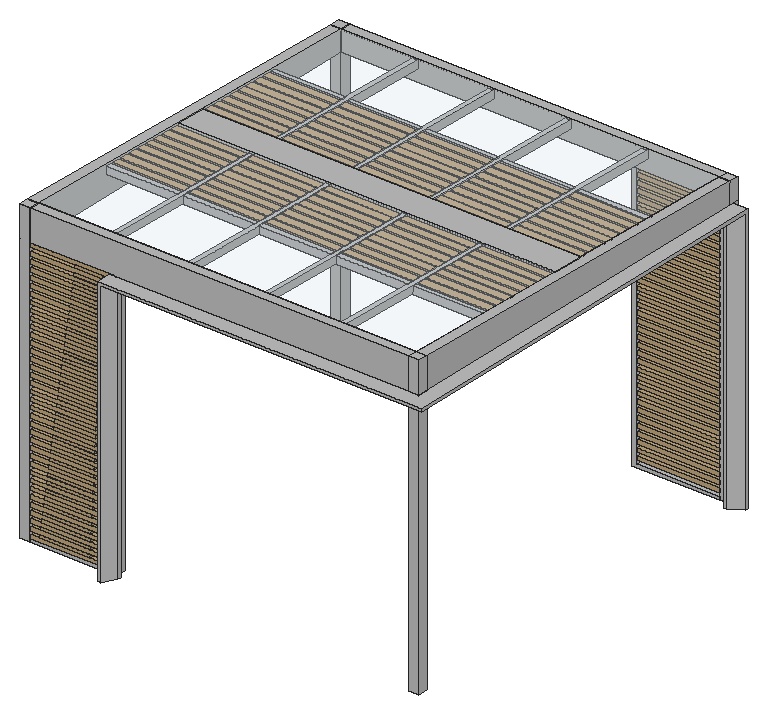
Revit family "L-FUR_파고라_DWP-TY-01_데오스웍스", category 일반 모델, Revit 2021
Family settings
  보강 철근 호스트 가능 = 아니오
  원형 커넥터 치수 = 지름 사용
  부품 유형 = 보통
  작업 기준면 기반 = 아니오
  항상 수직 = 예
  로드될 때 보이드를 사용하여 절단 = 아니오
  공유 = 아니오
  룸 계산 점 = 아니오
Parameters
  한국산업규격KS = ""
  조달청표준공사코드-세부공종 = "24072307"
  기본 입면도 = 0 mm
  건설정보분류체계-부위분류 = "E941"
  LIM_INFO_주의사항 = "재배포, 재가공, 판매 금지"
  LIM_INFO_제품업체 = "예건"
  LIM_INFO_제품번호 = "YF-16"
  LIM_INFO_제품명 = "펜스_YF-16"
  LIM_INFO_제작일 = "20230315"
  LIM_INFO_재료 = "Hardwood, STL-pipe, STL-plate"
  LIM_INFO_업체정보 = ""
  LIM_INFO_업체URL = "https://yekun.com/"
  LIM_INFO_업체TEL = "(+82)31-943-6114"
  LIM_INFO_업체EMAIL = "yekun@yekun.com"
  LIM_INFO_버전 = "2023_V01"
  LIM_INFO_기타정보 = ""
  LIM_INFO_규격 = "W2000 x H1800"
  LIM_INFO_가격 = 0
  LIM_INFO_PV_포장재여부 = yes
  LIM_INFO_PV_면적 = 0.00 m²
  KBIMS_식별-버전 = ""
  KBIMS_식별-bSK등록번호 = ""
  KBIMS_보급정보-저작자 = "림인포테크_MMJ"
  KBIMS_보급정보-보급코드 = ""
Reference planes
  plane 1 "중심(앞/뒤)": y = 0
  plane 2: z = 0
  plane 3 "중심(왼쪽/오른쪽)": x = 0
Dimensions and locks
  aligned and locked: level to plane 2
Nested families
  nested 1: "DWP-TY-01_base" at (0, 0, 0), type "DWP-TY-01_base"
Definition of nested family "DWP-TY-01_base"
  Parameters (values of type "DWP-TY-01_base")
    Default Elevation = 0 mm
  Reference planes
    plane 1 "중심(앞/뒤)": y = 0
    plane 2: z = 0
    plane 3 "중심(왼쪽/오른쪽)": x = 0
  Forms (mm)
    Extrusion 1, solid, detail levels fine
      sketch origin (0, 0, 0) x (0, 1, 0) y (0, 0, 1)
        loop
          line (100, 0) -> (100, 2887.381) -> (0, 2890) -> (0, 0) -> (100, 0)
        loop
          line (3850, 0) -> (3850, 2789.184) -> (3750, 2791.803) -> (3750, 0) -> (3850, 0)
      from 100 to 0
    Extrusion 2, solid, detail levels fine
      sketch origin (0, 0, 0) x (0, 1, 0) y (0, 0, 1)
        loop
          line (100, 0) -> (100, 2887.381) -> (0, 2890) -> (0, 0) -> (100, 0)
        loop
          line (3850, 0) -> (3850, 2789.184) -> (3750, 2791.803) -> (3750, 0) -> (3850, 0)
      from 3750 to 3850
    Extrusion 3, solid, detail levels fine
      sketch origin (0, 0, 0) x (0, 1, 0) y (0, 0, 1)
        loop
          line (100, 2887.381) -> (0, 2890) -> (0, 2590) -> (100, 2590) -> (100, 2887.381)
      from 3850 to 0
    Extrusion 4, solid, detail levels fine
      sketch origin (0, 3750, 0) x (0, 1, 0) y (0, 0, 1)
        loop
          line (100, 2789.184) -> (0, 2791.803) -> (0, 2590) -> (100, 2590) -> (100, 2789.184)
      from 3850 to 0
    Extrusion 5, solid, detail levels fine
      sketch origin (0, 0, 0) x (0, 1, 0) y (0, 0, 1)
        loop
          line (3750, 2791.803) -> (100, 2887.381) -> (100, 2590) -> (3750, 2590) -> (3750, 2791.803)
      from 100 to 0
    Extrusion 6, solid, detail levels fine
      sketch origin (0, 0, 0) x (0, 1, 0) y (0, 0, 1)
        loop
          line (3750, 2791.803) -> (100, 2887.381) -> (100, 2590) -> (3750, 2590) -> (3750, 2791.803)
      from 3850 to 3750
    Extrusion 7, solid, detail levels fine
      sketch origin (0, 1974.977, 0) x (0, 1, 0) y (0, 0, 1)
        loop
          line (100, 2835.665) -> (-199.954, 2843.519) -> (-199.954, 2590) -> (100, 2590) -> (100, 2835.665)
      from 3750 to 100
    Extrusion 8, solid, detail levels fine
      sketch origin (0, 0, 0) x (0, 1, 0) y (0, 0, 1)
        loop
          line (1775.023, 2758.49) -> (1775.023, 2833.516) -> (100, 2877.378) -> (100, 2802.352) -> (1775.023, 2758.49)
      from 839 to 794
    Extrusion 9, solid, detail levels fine
      sketch origin (0, 0, 0) x (0, 1, 0) y (0, 0, 1)
        loop
          line (1775.023, 2758.49) -> (1775.023, 2833.516) -> (100, 2877.378) -> (100, 2802.352) -> (1775.023, 2758.49)
      from 1578 to 1533
    Extrusion 10, solid, detail levels fine
      sketch origin (0, 0, 0) x (0, 1, 0) y (0, 0, 1)
        loop
          line (1775.023, 2758.49) -> (1775.023, 2833.516) -> (100, 2877.378) -> (100, 2802.352) -> (1775.023, 2758.49)
      from 2317 to 2272
    Extrusion 11, solid, detail levels fine
      sketch origin (0, 0, 0) x (0, 1, 0) y (0, 0, 1)
        loop
          line (1775.023, 2758.49) -> (1775.023, 2833.516) -> (100, 2877.378) -> (100, 2802.352) -> (1775.023, 2758.49)
      from 3056 to 3011
    Extrusion 12, solid, detail levels fine
      sketch origin (0, 1974.977, 0) x (0, 1, 0) y (0, 0, 1)
        loop
          line (1775.023, 2706.774) -> (1775.023, 2781.799) -> (100, 2825.661) -> (100, 2750.636) -> (1775.023, 2706.774)
      from 839 to 794
    Extrusion 13, solid, detail levels fine
      sketch origin (0, 1974.977, 0) x (0, 1, 0) y (0, 0, 1)
        loop
          line (1775.023, 2706.774) -> (1775.023, 2781.799) -> (100, 2825.661) -> (100, 2750.636) -> (1775.023, 2706.774)
      from 1578 to 1533
    Extrusion 14, solid, detail levels fine
      sketch origin (0, 1974.977, 0) x (0, 1, 0) y (0, 0, 1)
        loop
          line (1775.023, 2706.774) -> (1775.023, 2781.799) -> (100, 2825.661) -> (100, 2750.636) -> (1775.023, 2706.774)
      from 2317 to 2272
    Extrusion 15, solid, detail levels fine
      sketch origin (0, 1974.977, 0) x (0, 1, 0) y (0, 0, 1)
        loop
          line (1775.023, 2706.774) -> (1775.023, 2781.799) -> (100, 2825.661) -> (100, 2750.636) -> (1775.023, 2706.774)
      from 3056 to 3011
    Extrusion 16, solid, detail levels fine
      sketch origin (0, 0, 0) x (0, 1, 0) y (0, 0, 1)
        loop
          line (960, 2854.858) -> (915.031, 2856.036) -> (913.068, 2781.061) -> (958.037, 2779.884) -> (960, 2854.858)
      from 794 to 100
    Extrusion 17, solid, detail levels fine
      sketch origin (0, 0, 0) x (0, 1, 0) y (0, 0, 1)
        loop
          line (960, 2854.858) -> (915.031, 2856.036) -> (913.068, 2781.061) -> (958.037, 2779.884) -> (960, 2854.858)
      from 1533 to 839
    Extrusion 18, solid, detail levels fine
      sketch origin (0, 0, 0) x (0, 1, 0) y (0, 0, 1)
        loop
          line (960, 2854.858) -> (915.031, 2856.036) -> (913.068, 2781.061) -> (958.037, 2779.884) -> (960, 2854.858)
      from 2272 to 1578
    Extrusion 19, solid, detail levels fine
      sketch origin (0, 0, 0) x (0, 1, 0) y (0, 0, 1)
        loop
          line (960, 2854.858) -> (915.031, 2856.036) -> (913.068, 2781.061) -> (958.037, 2779.884) -> (960, 2854.858)
      from 3011 to 2317
    Extrusion 20, solid, detail levels fine
      sketch origin (0, 0, 0) x (0, 1, 0) y (0, 0, 1)
        loop
          line (960, 2854.858) -> (915.031, 2856.036) -> (913.068, 2781.061) -> (958.037, 2779.884) -> (960, 2854.858)
      from 3750 to 3056
    Extrusion 21, solid, detail levels fine
      sketch origin (0, 1976.948, 0) x (0, 1, 0) y (0, 0, 1)
        loop
          line (958.645, 2803.125) -> (913.676, 2804.303) -> (911.713, 2729.329) -> (956.682, 2728.151) -> (958.645, 2803.125)
      from 794 to 100
    Extrusion 22, solid, detail levels fine
      sketch origin (0, 1976.948, 0) x (0, 1, 0) y (0, 0, 1)
        loop
          line (958.645, 2803.125) -> (913.676, 2804.303) -> (911.713, 2729.329) -> (956.682, 2728.151) -> (958.645, 2803.125)
      from 1533 to 839
    Extrusion 23, solid, detail levels fine
      sketch origin (0, 1976.948, 0) x (0, 1, 0) y (0, 0, 1)
        loop
          line (958.645, 2803.125) -> (913.676, 2804.303) -> (911.713, 2729.329) -> (956.682, 2728.151) -> (958.645, 2803.125)
      from 2272 to 1578
    Extrusion 24, solid, detail levels fine
      sketch origin (0, 1976.948, 0) x (0, 1, 0) y (0, 0, 1)
        loop
          line (958.645, 2803.125) -> (913.676, 2804.303) -> (911.713, 2729.329) -> (956.682, 2728.151) -> (958.645, 2803.125)
      from 3011 to 2317
    Extrusion 25, solid, detail levels fine
      sketch origin (0, 1976.948, 0) x (0, 1, 0) y (0, 0, 1)
        loop
          line (958.645, 2803.125) -> (913.676, 2804.303) -> (911.713, 2729.329) -> (956.682, 2728.151) -> (958.645, 2803.125)
      from 3750 to 3056
    Extrusion 26, solid, detail levels fine
      sketch origin (0, 0, 0) x (0, 1, 0) y (0, 0, 1)
        loop
          line (1754.47, 2834.054) -> (1674.485, 2836.149) -> (1672.521, 2761.174) -> (1752.506, 2759.08) -> (1754.47, 2834.054)
        loop
          line (1259.044, 2847.027) -> (1179.059, 2849.122) -> (1177.095, 2774.148) -> (1257.08, 2772.053) -> (1259.044, 2847.027)
        loop
          line (1159.959, 2849.622) -> (1079.974, 2851.716) -> (1078.011, 2776.742) -> (1157.995, 2774.648) -> (1159.959, 2849.622)
        loop
          line (1060.875, 2852.217) -> (980.89, 2854.311) -> (978.927, 2779.337) -> (1058.912, 2777.242) -> (1060.875, 2852.217)
        loop
          line (1556.298, 2839.243) -> (1476.313, 2841.338) -> (1474.35, 2766.364) -> (1554.335, 2764.269) -> (1556.298, 2839.243)
        loop
          line (1457.215, 2841.838) -> (1377.23, 2843.933) -> (1375.267, 2768.958) -> (1455.252, 2766.864) -> (1457.215, 2841.838)
        loop
          line (1358.13, 2844.433) -> (1278.145, 2846.527) -> (1276.182, 2771.553) -> (1356.167, 2769.458) -> (1358.13, 2844.433)
        loop
          line (1575.4, 2838.743) -> (1573.437, 2763.769) -> (1653.421, 2761.674) -> (1655.385, 2836.649) -> (1575.4, 2838.743)
      from 794 to 100
    Extrusion 27, solid, detail levels fine
      sketch origin (0, 0, 0) x (0, 1, 0) y (0, 0, 1)
        loop
          line (1754.47, 2834.054) -> (1674.485, 2836.149) -> (1672.521, 2761.174) -> (1752.506, 2759.08) -> (1754.47, 2834.054)
        loop
          line (1259.044, 2847.027) -> (1179.059, 2849.122) -> (1177.095, 2774.148) -> (1257.08, 2772.053) -> (1259.044, 2847.027)
        loop
          line (1159.959, 2849.622) -> (1079.974, 2851.716) -> (1078.011, 2776.742) -> (1157.995, 2774.648) -> (1159.959, 2849.622)
        loop
          line (1060.875, 2852.217) -> (980.89, 2854.311) -> (978.927, 2779.337) -> (1058.912, 2777.242) -> (1060.875, 2852.217)
        loop
          line (1556.298, 2839.243) -> (1476.313, 2841.338) -> (1474.35, 2766.364) -> (1554.335, 2764.269) -> (1556.298, 2839.243)
        loop
          line (1457.215, 2841.838) -> (1377.23, 2843.933) -> (1375.267, 2768.958) -> (1455.252, 2766.864) -> (1457.215, 2841.838)
        loop
          line (1358.13, 2844.433) -> (1278.145, 2846.527) -> (1276.182, 2771.553) -> (1356.167, 2769.458) -> (1358.13, 2844.433)
        loop
          line (1575.4, 2838.743) -> (1573.437, 2763.769) -> (1653.421, 2761.674) -> (1655.385, 2836.649) -> (1575.4, 2838.743)
      from 1533 to 839
    Extrusion 28, solid, detail levels fine
      sketch origin (0, 0, 0) x (0, 1, 0) y (0, 0, 1)
        loop
          line (1754.47, 2834.054) -> (1674.485, 2836.149) -> (1672.521, 2761.174) -> (1752.506, 2759.08) -> (1754.47, 2834.054)
        loop
          line (1259.044, 2847.027) -> (1179.059, 2849.122) -> (1177.095, 2774.148) -> (1257.08, 2772.053) -> (1259.044, 2847.027)
        loop
          line (1159.959, 2849.622) -> (1079.974, 2851.716) -> (1078.011, 2776.742) -> (1157.995, 2774.648) -> (1159.959, 2849.622)
        loop
          line (1060.875, 2852.217) -> (980.89, 2854.311) -> (978.927, 2779.337) -> (1058.912, 2777.242) -> (1060.875, 2852.217)
        loop
          line (1556.298, 2839.243) -> (1476.313, 2841.338) -> (1474.35, 2766.364) -> (1554.335, 2764.269) -> (1556.298, 2839.243)
        loop
          line (1457.215, 2841.838) -> (1377.23, 2843.933) -> (1375.267, 2768.958) -> (1455.252, 2766.864) -> (1457.215, 2841.838)
        loop
          line (1358.13, 2844.433) -> (1278.145, 2846.527) -> (1276.182, 2771.553) -> (1356.167, 2769.458) -> (1358.13, 2844.433)
        loop
          line (1575.4, 2838.743) -> (1573.437, 2763.769) -> (1653.421, 2761.674) -> (1655.385, 2836.649) -> (1575.4, 2838.743)
      from 2272 to 1578
    Extrusion 29, solid, detail levels fine
      sketch origin (0, 0, 0) x (0, 1, 0) y (0, 0, 1)
        loop
          line (1754.47, 2834.054) -> (1674.485, 2836.149) -> (1672.521, 2761.174) -> (1752.506, 2759.08) -> (1754.47, 2834.054)
        loop
          line (1259.044, 2847.027) -> (1179.059, 2849.122) -> (1177.095, 2774.148) -> (1257.08, 2772.053) -> (1259.044, 2847.027)
        loop
          line (1159.959, 2849.622) -> (1079.974, 2851.716) -> (1078.011, 2776.742) -> (1157.995, 2774.648) -> (1159.959, 2849.622)
        loop
          line (1060.875, 2852.217) -> (980.89, 2854.311) -> (978.927, 2779.337) -> (1058.912, 2777.242) -> (1060.875, 2852.217)
        loop
          line (1556.298, 2839.243) -> (1476.313, 2841.338) -> (1474.35, 2766.364) -> (1554.335, 2764.269) -> (1556.298, 2839.243)
        loop
          line (1457.215, 2841.838) -> (1377.23, 2843.933) -> (1375.267, 2768.958) -> (1455.252, 2766.864) -> (1457.215, 2841.838)
        loop
          line (1358.13, 2844.433) -> (1278.145, 2846.527) -> (1276.182, 2771.553) -> (1356.167, 2769.458) -> (1358.13, 2844.433)
        loop
          line (1575.4, 2838.743) -> (1573.437, 2763.769) -> (1653.421, 2761.674) -> (1655.385, 2836.649) -> (1575.4, 2838.743)
      from 3011 to 2317
    Extrusion 30, solid, detail levels fine
      sketch origin (0, 0, 0) x (0, 1, 0) y (0, 0, 1)
        loop
          line (1754.47, 2834.054) -> (1674.485, 2836.149) -> (1672.521, 2761.174) -> (1752.506, 2759.08) -> (1754.47, 2834.054)
        loop
          line (1259.044, 2847.027) -> (1179.059, 2849.122) -> (1177.095, 2774.148) -> (1257.08, 2772.053) -> (1259.044, 2847.027)
        loop
          line (1159.959, 2849.622) -> (1079.974, 2851.716) -> (1078.011, 2776.742) -> (1157.995, 2774.648) -> (1159.959, 2849.622)
        loop
          line (1060.875, 2852.217) -> (980.89, 2854.311) -> (978.927, 2779.337) -> (1058.912, 2777.242) -> (1060.875, 2852.217)
        loop
          line (1556.298, 2839.243) -> (1476.313, 2841.338) -> (1474.35, 2766.364) -> (1554.335, 2764.269) -> (1556.298, 2839.243)
        loop
          line (1457.215, 2841.838) -> (1377.23, 2843.933) -> (1375.267, 2768.958) -> (1455.252, 2766.864) -> (1457.215, 2841.838)
        loop
          line (1358.13, 2844.433) -> (1278.145, 2846.527) -> (1276.182, 2771.553) -> (1356.167, 2769.458) -> (1358.13, 2844.433)
        loop
          line (1575.4, 2838.743) -> (1573.437, 2763.769) -> (1653.421, 2761.674) -> (1655.385, 2836.649) -> (1575.4, 2838.743)
      from 3750 to 3056
    Extrusion 31, solid, detail levels fine
      sketch origin (0, 1114.64, -29.188) x (0, 1, 0) y (0, 0, 1)
        loop
          line (1754.47, 2834.054) -> (1674.485, 2836.149) -> (1672.521, 2761.174) -> (1752.506, 2759.08) -> (1754.47, 2834.054)
        loop
          line (1259.044, 2847.027) -> (1179.059, 2849.122) -> (1177.095, 2774.148) -> (1257.08, 2772.053) -> (1259.044, 2847.027)
        loop
          line (1159.959, 2849.622) -> (1079.974, 2851.716) -> (1078.011, 2776.742) -> (1157.995, 2774.648) -> (1159.959, 2849.622)
        loop
          line (1060.875, 2852.217) -> (980.89, 2854.311) -> (978.927, 2779.337) -> (1058.912, 2777.242) -> (1060.875, 2852.217)
        loop
          line (1556.298, 2839.243) -> (1476.313, 2841.338) -> (1474.35, 2766.364) -> (1554.335, 2764.269) -> (1556.298, 2839.243)
        loop
          line (1457.215, 2841.838) -> (1377.23, 2843.933) -> (1375.267, 2768.958) -> (1455.252, 2766.864) -> (1457.215, 2841.838)
        loop
          line (1358.13, 2844.433) -> (1278.145, 2846.527) -> (1276.182, 2771.553) -> (1356.167, 2769.458) -> (1358.13, 2844.433)
        loop
          line (1575.4, 2838.743) -> (1573.437, 2763.769) -> (1653.421, 2761.674) -> (1655.385, 2836.649) -> (1575.4, 2838.743)
      from 794 to 100
    Extrusion 32, solid, detail levels fine
      sketch origin (0, 1114.64, -29.188) x (0, 1, 0) y (0, 0, 1)
        loop
          line (1754.47, 2834.054) -> (1674.485, 2836.149) -> (1672.521, 2761.174) -> (1752.506, 2759.08) -> (1754.47, 2834.054)
        loop
          line (1259.044, 2847.027) -> (1179.059, 2849.122) -> (1177.095, 2774.148) -> (1257.08, 2772.053) -> (1259.044, 2847.027)
        loop
          line (1159.959, 2849.622) -> (1079.974, 2851.716) -> (1078.011, 2776.742) -> (1157.995, 2774.648) -> (1159.959, 2849.622)
        loop
          line (1060.875, 2852.217) -> (980.89, 2854.311) -> (978.927, 2779.337) -> (1058.912, 2777.242) -> (1060.875, 2852.217)
        loop
          line (1556.298, 2839.243) -> (1476.313, 2841.338) -> (1474.35, 2766.364) -> (1554.335, 2764.269) -> (1556.298, 2839.243)
        loop
          line (1457.215, 2841.838) -> (1377.23, 2843.933) -> (1375.267, 2768.958) -> (1455.252, 2766.864) -> (1457.215, 2841.838)
        loop
          line (1358.13, 2844.433) -> (1278.145, 2846.527) -> (1276.182, 2771.553) -> (1356.167, 2769.458) -> (1358.13, 2844.433)
        loop
          line (1575.4, 2838.743) -> (1573.437, 2763.769) -> (1653.421, 2761.674) -> (1655.385, 2836.649) -> (1575.4, 2838.743)
      from 1533 to 839
    Extrusion 33, solid, detail levels fine
      sketch origin (0, 1114.64, -29.188) x (0, 1, 0) y (0, 0, 1)
        loop
          line (1754.47, 2834.054) -> (1674.485, 2836.149) -> (1672.521, 2761.174) -> (1752.506, 2759.08) -> (1754.47, 2834.054)
        loop
          line (1259.044, 2847.027) -> (1179.059, 2849.122) -> (1177.095, 2774.148) -> (1257.08, 2772.053) -> (1259.044, 2847.027)
        loop
          line (1159.959, 2849.622) -> (1079.974, 2851.716) -> (1078.011, 2776.742) -> (1157.995, 2774.648) -> (1159.959, 2849.622)
        loop
          line (1060.875, 2852.217) -> (980.89, 2854.311) -> (978.927, 2779.337) -> (1058.912, 2777.242) -> (1060.875, 2852.217)
        loop
          line (1556.298, 2839.243) -> (1476.313, 2841.338) -> (1474.35, 2766.364) -> (1554.335, 2764.269) -> (1556.298, 2839.243)
        loop
          line (1457.215, 2841.838) -> (1377.23, 2843.933) -> (1375.267, 2768.958) -> (1455.252, 2766.864) -> (1457.215, 2841.838)
        loop
          line (1358.13, 2844.433) -> (1278.145, 2846.527) -> (1276.182, 2771.553) -> (1356.167, 2769.458) -> (1358.13, 2844.433)
        loop
          line (1575.4, 2838.743) -> (1573.437, 2763.769) -> (1653.421, 2761.674) -> (1655.385, 2836.649) -> (1575.4, 2838.743)
      from 2272 to 1578
    Extrusion 34, solid, detail levels fine
      sketch origin (0, 1114.64, -29.188) x (0, 1, 0) y (0, 0, 1)
        loop
          line (1754.47, 2834.054) -> (1674.485, 2836.149) -> (1672.521, 2761.174) -> (1752.506, 2759.08) -> (1754.47, 2834.054)
        loop
          line (1259.044, 2847.027) -> (1179.059, 2849.122) -> (1177.095, 2774.148) -> (1257.08, 2772.053) -> (1259.044, 2847.027)
        loop
          line (1159.959, 2849.622) -> (1079.974, 2851.716) -> (1078.011, 2776.742) -> (1157.995, 2774.648) -> (1159.959, 2849.622)
        loop
          line (1060.875, 2852.217) -> (980.89, 2854.311) -> (978.927, 2779.337) -> (1058.912, 2777.242) -> (1060.875, 2852.217)
        loop
          line (1556.298, 2839.243) -> (1476.313, 2841.338) -> (1474.35, 2766.364) -> (1554.335, 2764.269) -> (1556.298, 2839.243)
        loop
          line (1457.215, 2841.838) -> (1377.23, 2843.933) -> (1375.267, 2768.958) -> (1455.252, 2766.864) -> (1457.215, 2841.838)
        loop
          line (1358.13, 2844.433) -> (1278.145, 2846.527) -> (1276.182, 2771.553) -> (1356.167, 2769.458) -> (1358.13, 2844.433)
        loop
          line (1575.4, 2838.743) -> (1573.437, 2763.769) -> (1653.421, 2761.674) -> (1655.385, 2836.649) -> (1575.4, 2838.743)
      from 3011 to 2317
    Extrusion 35, solid, detail levels fine
      sketch origin (0, 1114.64, 0) x (0, 1, 0) y (0, 0, 1)
        loop
          line (1754.47, 2804.866) -> (1674.485, 2806.961) -> (1672.521, 2731.986) -> (1752.506, 2729.892) -> (1754.47, 2804.866)
        loop
          line (1259.044, 2817.839) -> (1179.059, 2819.934) -> (1177.095, 2744.96) -> (1257.08, 2742.865) -> (1259.044, 2817.839)
        loop
          line (1159.959, 2820.434) -> (1079.974, 2822.529) -> (1078.011, 2747.554) -> (1157.995, 2745.46) -> (1159.959, 2820.434)
        loop
          line (1060.875, 2823.029) -> (980.89, 2825.123) -> (978.927, 2750.149) -> (1058.912, 2748.054) -> (1060.875, 2823.029)
        loop
          line (1556.298, 2810.056) -> (1476.313, 2812.15) -> (1474.35, 2737.176) -> (1554.335, 2735.081) -> (1556.298, 2810.056)
        loop
          line (1457.215, 2812.65) -> (1377.23, 2814.745) -> (1375.267, 2739.77) -> (1455.252, 2737.676) -> (1457.215, 2812.65)
        loop
          line (1358.13, 2815.245) -> (1278.145, 2817.339) -> (1276.182, 2742.365) -> (1356.167, 2740.271) -> (1358.13, 2815.245)
        loop
          line (1575.4, 2809.555) -> (1573.437, 2734.581) -> (1653.421, 2732.487) -> (1655.385, 2807.461) -> (1575.4, 2809.555)
      from 3750 to 3056
    Extrusion 36, solid, detail levels fine
      sketch origin (0, 0, 0) x (0, 1, 0) y (0, 0, 1)
        loop
          line (3750, 2791.803) -> (2074.977, 2835.665) -> (2074.977, 2825.661) -> (3750, 2781.799) -> (3750, 2791.803)
      from 3750 to 100
    Extrusion 37, solid, detail levels fine
      sketch origin (0, -1974.977, 0) x (0, 1, 0) y (0, 0, 1)
        loop
          line (3750, 2843.519) -> (2074.977, 2887.381) -> (2074.977, 2877.378) -> (3750, 2833.516) -> (3750, 2843.519)
      from 3750 to 100
    Extrusion 38, solid, detail levels fine
      sketch origin (0, 0, 0) x (1, 0, 0) y (0, 0, 1)
        loop
          line (100, 2590) -> (100, 2550) -> (900, 2550) -> (900, 2590) -> (100, 2590)
        loop
          line (100, 2520) -> (100, 2480) -> (900, 2480) -> (900, 2520) -> (100, 2520)
        loop
          line (100, 2450) -> (100, 2410) -> (900, 2410) -> (900, 2450) -> (100, 2450)
        loop
          line (100, 2380) -> (100, 2340) -> (900, 2340) -> (900, 2380) -> (100, 2380)
        loop
          line (100, 2310) -> (100, 2270) -> (900, 2270) -> (900, 2310) -> (100, 2310)
        loop
          line (100, 2240) -> (100, 2200) -> (900, 2200) -> (900, 2240) -> (100, 2240)
        loop
          line (100, 2170) -> (100, 2130) -> (900, 2130) -> (900, 2170) -> (100, 2170)
        loop
          line (100, 2100) -> (100, 2060) -> (900, 2060) -> (900, 2100) -> (100, 2100)
        loop
          line (100, 2030) -> (100, 1990) -> (900, 1990) -> (900, 2030) -> (100, 2030)
        loop
          line (100, 1960) -> (100, 1920) -> (900, 1920) -> (900, 1960) -> (100, 1960)
        loop
          line (100, 1890) -> (100, 1850) -> (900, 1850) -> (900, 1890) -> (100, 1890)
        loop
          line (100, 1820) -> (100, 1780) -> (900, 1780) -> (900, 1820) -> (100, 1820)
        loop
          line (100, 1750) -> (100, 1710) -> (900, 1710) -> (900, 1750) -> (100, 1750)
        loop
          line (100, 1680) -> (100, 1640) -> (900, 1640) -> (900, 1680) -> (100, 1680)
        loop
          line (100, 1610) -> (100, 1570) -> (900, 1570) -> (900, 1610) -> (100, 1610)
        loop
          line (100, 1540) -> (100, 1500) -> (900, 1500) -> (900, 1540) -> (100, 1540)
        loop
          line (100, 1470) -> (100, 1430) -> (900, 1430) -> (900, 1470) -> (100, 1470)
        loop
          line (100, 1400) -> (100, 1360) -> (900, 1360) -> (900, 1400) -> (100, 1400)
        loop
          line (100, 1330) -> (100, 1290) -> (900, 1290) -> (900, 1330) -> (100, 1330)
        loop
          line (100, 1260) -> (100, 1220) -> (900, 1220) -> (900, 1260) -> (100, 1260)
        loop
          line (100, 1190) -> (100, 1150) -> (900, 1150) -> (900, 1190) -> (100, 1190)
        loop
          line (100, 1120) -> (100, 1080) -> (900, 1080) -> (900, 1120) -> (100, 1120)
        loop
          line (100, 1050) -> (100, 1010) -> (900, 1010) -> (900, 1050) -> (100, 1050)
        loop
          line (100, 980) -> (100, 940) -> (900, 940) -> (900, 980) -> (100, 980)
        loop
          line (100, 910) -> (100, 870) -> (900, 870) -> (900, 910) -> (100, 910)
        loop
          line (100, 840) -> (100, 800) -> (900, 800) -> (900, 840) -> (100, 840)
        loop
          line (100, 770) -> (100, 730) -> (900, 730) -> (900, 770) -> (100, 770)
        loop
          line (100, 700) -> (100, 660) -> (900, 660) -> (900, 700) -> (100, 700)
        loop
          line (100, 630) -> (100, 590) -> (900, 590) -> (900, 630) -> (100, 630)
        loop
          line (100, 560) -> (100, 520) -> (900, 520) -> (900, 560) -> (100, 560)
        loop
          line (100, 490) -> (100, 450) -> (900, 450) -> (900, 490) -> (100, 490)
        loop
          line (100, 420) -> (100, 380) -> (900, 380) -> (900, 420) -> (100, 420)
        loop
          line (100, 350) -> (100, 310) -> (900, 310) -> (900, 350) -> (100, 350)
        loop
          line (100, 280) -> (100, 240) -> (900, 240) -> (900, 280) -> (100, 280)
        loop
          line (100, 210) -> (100, 170) -> (900, 170) -> (900, 210) -> (100, 210)
        loop
          line (100, 140) -> (100, 100) -> (900, 100) -> (900, 140) -> (100, 140)
        loop
          line (100, 70.348) -> (100, 30.348) -> (900, 30.348) -> (900, 70.348) -> (100, 70.348)
      from 0 to -100
    Extrusion 39, solid, detail levels fine
      sketch origin (0, 0, 0) x (1, 0, 0) y (0, 0, 1)
        loop
          line (100, 30.348) -> (100, 0) -> (900, 0) -> (900, 30.348) -> (100, 30.348)
      from 0 to -100
    Extrusion 40, solid, detail levels fine
      sketch origin (0, 0, 0) x (1, 0, 0) y (0, 0, 1)
        loop
          line (192.124, 70) -> (679.399, 70) -> (680.883, 100) -> (196.282, 100) -> (192.124, 70)
        loop
          line (201.827, 140) -> (682.86, 140) -> (684.344, 170) -> (205.985, 170) -> (201.827, 140)
        loop
          line (211.53, 210) -> (686.321, 210) -> (687.805, 240) -> (215.689, 240) -> (211.53, 210)
        loop
          line (221.233, 280) -> (689.782, 280) -> (691.266, 310) -> (225.392, 310) -> (221.233, 280)
        loop
          line (230.937, 350) -> (693.243, 350) -> (694.727, 380) -> (235.095, 380) -> (230.937, 350)
        loop
          line (240.64, 420) -> (696.704, 420) -> (698.188, 450) -> (244.798, 450) -> (240.64, 420)
        loop
          line (250.343, 490) -> (700.165, 490) -> (701.649, 520) -> (254.502, 520) -> (250.343, 490)
        loop
          line (260.046, 560) -> (703.626, 560) -> (705.11, 590) -> (264.205, 590) -> (260.046, 560)
        loop
          line (269.75, 630) -> (707.087, 630) -> (708.57, 660) -> (273.908, 660) -> (269.75, 630)
        loop
          line (279.453, 700) -> (710.548, 700) -> (712.031, 730) -> (283.611, 730) -> (279.453, 700)
        loop
          line (289.156, 770) -> (714.009, 770) -> (715.492, 800) -> (293.315, 800) -> (289.156, 770)
        loop
          line (298.859, 840) -> (717.47, 840) -> (718.953, 870) -> (303.018, 870) -> (298.859, 840)
        loop
          line (308.563, 910) -> (720.931, 910) -> (722.414, 940) -> (312.721, 940) -> (308.563, 910)
        loop
          line (318.266, 980) -> (724.392, 980) -> (725.875, 1010) -> (322.424, 1010) -> (318.266, 980)
        loop
          line (327.969, 1050) -> (727.853, 1050) -> (729.336, 1080) -> (332.128, 1080) -> (327.969, 1050)
        loop
          line (337.672, 1120) -> (731.314, 1120) -> (732.797, 1150) -> (341.831, 1150) -> (337.672, 1120)
        loop
          line (347.376, 1190) -> (734.775, 1190) -> (736.258, 1220) -> (351.534, 1220) -> (347.376, 1190)
        loop
          line (357.079, 1260) -> (738.236, 1260) -> (739.719, 1290) -> (361.237, 1290) -> (357.079, 1260)
        loop
          line (366.782, 1330) -> (741.697, 1330) -> (743.18, 1360) -> (370.941, 1360) -> (366.782, 1330)
        loop
          line (376.485, 1400) -> (745.158, 1400) -> (746.641, 1430) -> (380.644, 1430) -> (376.485, 1400)
        loop
          line (386.189, 1470) -> (748.619, 1470) -> (750.102, 1500) -> (390.347, 1500) -> (386.189, 1470)
        loop
          line (395.892, 1540) -> (752.08, 1540) -> (753.563, 1570) -> (400.05, 1570) -> (395.892, 1540)
        loop
          line (405.595, 1610) -> (755.541, 1610) -> (757.024, 1640) -> (409.754, 1640) -> (405.595, 1610)
        loop
          line (415.298, 1680) -> (759.002, 1680) -> (760.485, 1710) -> (419.457, 1710) -> (415.298, 1680)
        loop
          line (425.002, 1750) -> (762.463, 1750) -> (763.946, 1780) -> (429.16, 1780) -> (425.002, 1750)
        loop
          line (434.705, 1820) -> (765.924, 1820) -> (767.407, 1850) -> (438.863, 1850) -> (434.705, 1820)
        loop
          line (444.408, 1890) -> (769.385, 1890) -> (770.868, 1920) -> (448.567, 1920) -> (444.408, 1890)
        loop
          line (454.111, 1960) -> (772.846, 1960) -> (774.329, 1990) -> (458.27, 1990) -> (454.111, 1960)
        loop
          line (463.815, 2030) -> (776.307, 2030) -> (777.79, 2060) -> (467.973, 2060) -> (463.815, 2030)
        loop
          line (473.518, 2100) -> (779.768, 2100) -> (781.251, 2130) -> (477.676, 2130) -> (473.518, 2100)
        loop
          line (483.221, 2170) -> (783.229, 2170) -> (784.712, 2200) -> (487.38, 2200) -> (483.221, 2170)
        loop
          line (492.924, 2240) -> (786.69, 2240) -> (788.173, 2270) -> (497.083, 2270) -> (492.924, 2240)
        loop
          line (502.628, 2310) -> (790.151, 2310) -> (791.634, 2340) -> (506.786, 2340) -> (502.628, 2310)
        loop
          line (512.331, 2380) -> (793.612, 2380) -> (795.095, 2410) -> (516.489, 2410) -> (512.331, 2380)
        loop
          line (522.034, 2450) -> (797.073, 2450) -> (798.556, 2480) -> (526.193, 2480) -> (522.034, 2450)
        loop
          line (531.737, 2520) -> (800.534, 2520) -> (802.017, 2550) -> (535.896, 2550) -> (531.737, 2520)
      from 0 to -100
    Extrusion 41, solid, detail levels fine
      sketch origin (0, 0, 0) x (1, 0, 0) y (0, 0, 1)
        loop
          line (2900, 0) -> (3750, 0) -> (3750, 30) -> (2950, 30) -> (2950, 2590) -> (2900, 2590) -> (2900, 0)
      from -3750 to -3850
    Extrusion 42, solid, detail levels fine
      sketch origin (0, 0, 0) x (1, 0, 0) y (0, 0, 1)
        loop
          line (3750, 105) -> (2950, 105) -> (2950, 65) -> (3750, 65) -> (3750, 105)
        loop
          line (3750, 175) -> (2950, 175) -> (2950, 135) -> (3750, 135) -> (3750, 175)
        loop
          line (3750, 245) -> (2950, 245) -> (2950, 205) -> (3750, 205) -> (3750, 245)
        loop
          line (3750, 315) -> (2950, 315) -> (2950, 275) -> (3750, 275) -> (3750, 315)
        loop
          line (3750, 385) -> (2950, 385) -> (2950, 345) -> (3750, 345) -> (3750, 385)
        loop
          line (3750, 455) -> (2950, 455) -> (2950, 415) -> (3750, 415) -> (3750, 455)
        loop
          line (3750, 525) -> (2950, 525) -> (2950, 485) -> (3750, 485) -> (3750, 525)
        loop
          line (3750, 595) -> (2950, 595) -> (2950, 555) -> (3750, 555) -> (3750, 595)
        loop
          line (3750, 665) -> (2950, 665) -> (2950, 625) -> (3750, 625) -> (3750, 665)
        loop
          line (3750, 735) -> (2950, 735) -> (2950, 695) -> (3750, 695) -> (3750, 735)
        loop
          line (3750, 805) -> (2950, 805) -> (2950, 765) -> (3750, 765) -> (3750, 805)
        loop
          line (3750, 875) -> (2950, 875) -> (2950, 835) -> (3750, 835) -> (3750, 875)
        loop
          line (3750, 945) -> (2950, 945) -> (2950, 905) -> (3750, 905) -> (3750, 945)
        loop
          line (3750, 1015) -> (2950, 1015) -> (2950, 975) -> (3750, 975) -> (3750, 1015)
        loop
          line (3750, 1085) -> (2950, 1085) -> (2950, 1045) -> (3750, 1045) -> (3750, 1085)
        loop
          line (3750, 1155) -> (2950, 1155) -> (2950, 1115) -> (3750, 1115) -> (3750, 1155)
        loop
          line (3750, 1225) -> (2950, 1225) -> (2950, 1185) -> (3750, 1185) -> (3750, 1225)
        loop
          line (3750, 1295) -> (2950, 1295) -> (2950, 1255) -> (3750, 1255) -> (3750, 1295)
        loop
          line (3750, 1365) -> (2950, 1365) -> (2950, 1325) -> (3750, 1325) -> (3750, 1365)
        loop
          line (3750, 1435) -> (2950, 1435) -> (2950, 1395) -> (3750, 1395) -> (3750, 1435)
        loop
          line (3750, 1505) -> (2950, 1505) -> (2950, 1465) -> (3750, 1465) -> (3750, 1505)
        loop
          line (3750, 1575) -> (2950, 1575) -> (2950, 1535) -> (3750, 1535) -> (3750, 1575)
        loop
          line (3750, 1645) -> (2950, 1645) -> (2950, 1605) -> (3750, 1605) -> (3750, 1645)
        loop
          line (3750, 1715) -> (2950, 1715) -> (2950, 1675) -> (3750, 1675) -> (3750, 1715)
        loop
          line (3750, 1785) -> (2950, 1785) -> (2950, 1745) -> (3750, 1745) -> (3750, 1785)
        loop
          line (3750, 1855) -> (2950, 1855) -> (2950, 1815) -> (3750, 1815) -> (3750, 1855)
        loop
          line (3750, 1925) -> (2950, 1925) -> (2950, 1885) -> (3750, 1885) -> (3750, 1925)
        loop
          line (3750, 1995) -> (2950, 1995) -> (2950, 1955) -> (3750, 1955) -> (3750, 1995)
        loop
          line (3750, 2065) -> (2950, 2065) -> (2950, 2025) -> (3750, 2025) -> (3750, 2065)
        loop
          line (3750, 2135) -> (2950, 2135) -> (2950, 2095) -> (3750, 2095) -> (3750, 2135)
        loop
          line (3750, 2205) -> (2950, 2205) -> (2950, 2165) -> (3750, 2165) -> (3750, 2205)
        loop
          line (3750, 2275) -> (2950, 2275) -> (2950, 2235) -> (3750, 2235) -> (3750, 2275)
        loop
          line (3750, 2345) -> (2950, 2345) -> (2950, 2305) -> (3750, 2305) -> (3750, 2345)
        loop
          line (3750, 2415) -> (2950, 2415) -> (2950, 2375) -> (3750, 2375) -> (3750, 2415)
        loop
          line (3750, 2485) -> (2950, 2485) -> (2950, 2445) -> (3750, 2445) -> (3750, 2485)
        loop
          line (3750, 2555) -> (2950, 2555) -> (2950, 2515) -> (3750, 2515) -> (3750, 2555)
      from -3750 to -3850
    Extrusion 43, solid, detail levels fine
      sketch origin (0, 0, 0) x (1, 0, 0) y (0, 1, 0)
        loop
          line (900, 100) -> (900, 0) -> (930, 0) -> (930, 100) -> (900, 100)
      from 2590 to 0
    Sweep 44, solid, detail levels fine
      path in 3D
        loop
          line (3850, 3780, 0) -> (3850, 3780, 2590) -> (3850, 0, 2590) -> (870, 0, 2590) -> (870, 0, 0)
      profile "DWP-TY-01_프로파일 : DWP-TY-01_프로파일" origin (870, 0, 1295) x (0, -1, 0) y (-1, 0, 0)
        loop
          line (150, 0) -> (0, 0) -> (0, -100) -> (30, -100) -> (150, -30) -> (150, 0)
    Extrusion 45, solid, detail levels coarse+medium
      sketch origin (0, 0, 0) x (0, 1, 0) y (0, 0, 1)
        loop
          line (100, 0) -> (100, 2887.381) -> (0, 2890) -> (0, 0) -> (100, 0)
        loop
          line (3850, 0) -> (3850, 2789.184) -> (3750, 2791.803) -> (3750, 0) -> (3850, 0)
      from 100 to 0
    Extrusion 46, solid, detail levels coarse+medium
      sketch origin (0, 0, 0) x (0, 1, 0) y (0, 0, 1)
        loop
          line (100, 0) -> (100, 2887.381) -> (0, 2890) -> (0, 0) -> (100, 0)
        loop
          line (3850, 0) -> (3850, 2789.184) -> (3750, 2791.803) -> (3750, 0) -> (3850, 0)
      from 3750 to 3850
    Extrusion 47, solid, detail levels coarse+medium
      sketch origin (0, 0, 0) x (0, 1, 0) y (0, 0, 1)
        loop
          line (100, 2887.381) -> (0, 2890) -> (0, 2590) -> (100, 2590) -> (100, 2887.381)
      from 3850 to 0
    Extrusion 48, solid, detail levels coarse+medium
      sketch origin (0, 3750, 0) x (0, 1, 0) y (0, 0, 1)
        loop
          line (100, 2789.184) -> (0, 2791.803) -> (0, 2590) -> (100, 2590) -> (100, 2789.184)
      from 3850 to 0
    Extrusion 49, solid, detail levels coarse+medium
      sketch origin (0, 0, 0) x (0, 1, 0) y (0, 0, 1)
        loop
          line (3750, 2791.803) -> (100, 2887.381) -> (100, 2590) -> (3750, 2590) -> (3750, 2791.803)
      from 100 to 0
    Extrusion 50, solid, detail levels coarse+medium
      sketch origin (0, 0, 0) x (0, 1, 0) y (0, 0, 1)
        loop
          line (3750, 2791.803) -> (100, 2887.381) -> (100, 2590) -> (3750, 2590) -> (3750, 2791.803)
      from 3850 to 3750
    Extrusion 51, solid, detail levels coarse+medium
      sketch origin (0, 1974.977, 0) x (0, 1, 0) y (0, 0, 1)
        loop
          line (100, 2835.665) -> (-199.954, 2843.519) -> (-199.954, 2590) -> (100, 2590) -> (100, 2835.665)
      from 3750 to 100
    Extrusion 52, solid, detail levels coarse+medium
      sketch origin (0, 0, 0) x (0, 1, 0) y (0, 0, 1)
        loop
          line (1754.47, 2834.054) -> (1391.348, 2843.563) -> (980.89, 2854.311) -> (978.927, 2779.337) -> (1380.964, 2768.809) -> (1752.506, 2759.08) -> (1754.47, 2834.054)
      from 3750 to 100
    Extrusion 53, solid, detail levels coarse+medium
      sketch origin (0, 1114.64, -29.188) x (0, 1, 0) y (0, 0, 1)
        loop
          line (1754.47, 2834.054) -> (1387.63, 2843.66) -> (980.89, 2854.311) -> (978.927, 2779.337) -> (1349.417, 2769.635) -> (1752.506, 2759.08) -> (1754.47, 2834.054)
      from 3750 to 100
    Extrusion 54, solid, detail levels coarse+medium
      sketch origin (0, 0, 0) x (0, 1, 0) y (0, 0, 1)
        loop
          line (3750, 2791.803) -> (2074.977, 2835.665) -> (2074.977, 2825.661) -> (3750, 2781.799) -> (3750, 2791.803)
      from 3750 to 100
    Extrusion 55, solid, detail levels coarse+medium
      sketch origin (0, -1974.977, 0) x (0, 1, 0) y (0, 0, 1)
        loop
          line (3750, 2843.519) -> (2074.977, 2887.381) -> (2074.977, 2877.378) -> (3750, 2833.516) -> (3750, 2843.519)
      from 3750 to 100
    Extrusion 56, solid, detail levels coarse+medium
      sketch origin (0, 0, 0) x (1, 0, 0) y (0, 0, 1)
        loop
          line (100, 2590) -> (100, 30.348) -> (900, 30.348) -> (900, 2590) -> (100, 2590)
      from 0 to -100
    Extrusion 57, solid, detail levels coarse+medium
      sketch origin (0, 0, 0) x (1, 0, 0) y (0, 0, 1)
        loop
          line (100, 30.348) -> (100, 0) -> (900, 0) -> (900, 30.348) -> (100, 30.348)
      from 0 to -100
    Extrusion 58, solid, detail levels coarse+medium
      sketch origin (0, 0, 0) x (1, 0, 0) y (0, 0, 1)
        loop
          line (2900, 0) -> (3750, 0) -> (3750, 30) -> (2950, 30) -> (2950, 2590) -> (2900, 2590) -> (2900, 0)
      from -3750 to -3850
    Extrusion 59, solid, detail levels coarse+medium
      sketch origin (0, 0, 0) x (1, 0, 0) y (0, 0, 1)
        loop
          line (3750, 65) -> (3750, 2555) -> (2950, 2555) -> (2950, 65) -> (3750, 65)
      from -3750 to -3850
    Extrusion 60, solid, detail levels coarse+medium
      sketch origin (0, 0, 0) x (1, 0, 0) y (0, 1, 0)
        loop
          line (900, 100) -> (900, 0) -> (930, 0) -> (930, 100) -> (900, 100)
      from 2590 to 0
  Lines and regions (mm)
    sketch lines
      curve 1: line (870, 0, 2590) -> (870, 0, 0)
      curve 2: line (870, 0, 2590) -> (3850, 0, 2590)
      curve 3: line (3850, 0, 2590) -> (3850, 3780, 2590)
      curve 4: line (3850, 3780, 2590) -> (3850, 3780, 0)
  Dimensions and locks
    aligned and locked: level to plane 2
